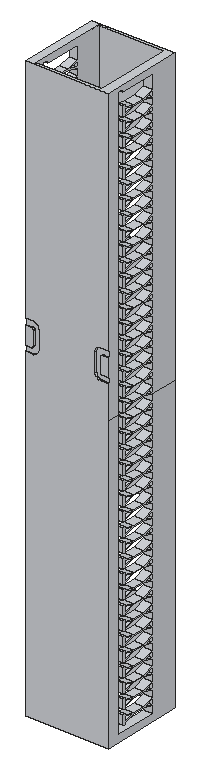
Revit family
Parameters
  Material ID = "760072892\r\n760072892\r\n760072892\r\n"
  Description = "Vertical Cable Management Kit, 12in X 84in (305mm X 2134mm) Single Sided, With Door, Silver"
Reference planes (in)
  plane 1 "Center (Front/Back)": y = 0
  plane 2: z = 0
  plane 3 "Center (Left/Right)": x = 0
Forms (in)
  Extrusion 1, void, not visible
    sketch origin (0, 0, 0) x (1, 0, 0) y (0, 0, 1)
      loop
        line (-7.85662, 0.48089) -> (-7.85662, -0.39002) -> (-7.67285, -0.39002) -> (-7.67285, -0.64002) -> (-7.0736, -0.64002) -> (-7.0736, -0.39002) -> (-6.92978, -0.39002) -> (-6.92978, 0.48089) -> (-7.85662, 0.48089)
    from -3.79215 to 12
  Extrusion 2, void, not visible
    sketch origin (0, 0, 0) x (1, 0, 0) y (0, 0, 1)
      loop
        line (-8.21397, 0.42583) -> (-8.21397, -0.07417) -> (-8.08657, -0.07417) -> (-8.08657, -0.27417) -> (-7.83657, -0.27417) -> (-7.83657, -0.07417) -> (-7.72497, -0.07417) -> (-7.72497, 0.42583) -> (-8.21397, 0.42583)
    from 0.74059 to 3.34334
  Extrusion 3, solid
    sketch origin (0, 0, 0) x (1, 0, 0) y (0, 0, 1)
      loop
        line (7, 42) -> (-5, 42) -> (-5, -42) -> (7, -42) -> (7, 0) -> (7, 42)
    from 11.281 to -0.549
  Extrusion 4, void
    sketch origin (0, 0, 0) x (1, 0, 0) y (0, 0, 1)
      loop
        line (-5, 9.00056) -> (-5, 8.06684) -> (-4.1, 8.06684)
        arc (-4.1, 8.06684) -> (-3.88787, 7.97898) -> (-3.8, 7.76684) r 0.3
        line (-3.8, 7.76684) -> (-3.8, 5.85056)
        arc (-3.8, 5.85056) -> (-3.88787, 5.63843) -> (-4.1, 5.55056) r 0.3
        line (-4.1, 5.55056) -> (-5, 5.55056) -> (-5, 4.75056) -> (-3.8, 4.75056)
        arc (-3.8, 4.75056) -> (-3.23431, 4.98488) -> (-3, 5.55056) r 0.8
        line (-3, 5.55056) -> (-3, 8.20056)
        arc (-3, 8.20056) -> (-3.23431, 8.76625) -> (-3.8, 9.00056) r 0.8
        line (-3.8, 9.00056) -> (-5, 9.00056)
      loop
        line (7, 9.00056) -> (5.8, 9.00056)
        arc (5.8, 9.00056) -> (5.23431, 8.76625) -> (5, 8.20056) r 0.8
        line (5, 8.20056) -> (5, 5.55056)
        arc (5, 5.55056) -> (5.23431, 4.98488) -> (5.8, 4.75056) r 0.8
        line (5.8, 4.75056) -> (7, 4.75056) -> (7, 5.55056) -> (6.1, 5.55056)
        arc (6.1, 5.55056) -> (5.88787, 5.63843) -> (5.8, 5.85056) r 0.3
        line (5.8, 5.85056) -> (5.8, 7.76684)
        arc (5.8, 7.76684) -> (5.88787, 7.97898) -> (6.1, 8.06684) r 0.3
        line (6.1, 8.06684) -> (7, 8.06684) -> (7, 9.00056)
    from 11.08569 to 11.281
  Extrusion 5, void
    sketch origin (0, 0, 0) x (1, 0, 0) y (0, 1, 0)
      loop
        line (5.70983, 0.3385) -> (-3.79017, 0.3385) -> (-3.79017, -10.9115) -> (5.70983, -10.9115) -> (5.70983, 0.3385)
    from -57.1272 to 54.97812
  Extrusion 6, void
    sketch origin (0, 0, 0) x (0, 1, 0) y (0, 0, 1)
      loop
        line (-3.37841, 39.06909) -> (-3.37841, 41.06909) -> (-8.50915, 41.06909) -> (-8.50915, 39.06909) -> (-6.81878, 38.61615) -> (-5.06878, 38.61615) -> (-3.37841, 39.06909)
      loop
        line (-3.37841, 38.06909) -> (-5.06878, 38.52202) -> (-6.81878, 38.52202) -> (-8.50915, 38.06909) -> (-8.50915, 37.81909) -> (-8.50915, 37.06909) -> (-6.81878, 36.61615) -> (-5.06878, 36.61615) -> (-3.37841, 37.06909) -> (-3.37841, 37.81909) -> (-3.37841, 38.06909)
      loop
        line (-3.37841, 39.00985) -> (-4.9864, 38.57899) -> (-3.37841, 38.14813) -> (-3.37841, 39.00985)
      loop
        line (-8.50915, 39.00985) -> (-8.50915, 38.14813) -> (-6.90115, 38.57899) -> (-8.50915, 39.00985)
      loop
        line (-3.37841, 36.06909) -> (-5.06878, 36.52202) -> (-6.81878, 36.52202) -> (-8.50915, 36.06909) -> (-8.50915, 35.06909) -> (-6.81878, 34.61615) -> (-5.06878, 34.61615) -> (-3.37841, 35.06909) -> (-3.37841, 36.06909)
      loop
        line (-3.37841, 37.00985) -> (-4.9864, 36.57899) -> (-3.37841, 36.14813) -> (-3.37841, 37.00985)
      loop
        line (-8.50915, 37.00985) -> (-8.50915, 36.14813) -> (-6.90115, 36.57899) -> (-8.50915, 37.00985)
      loop
        line (-3.37841, 34.06909) -> (-5.06878, 34.52202) -> (-6.81878, 34.52202) -> (-8.50915, 34.06909) -> (-8.50915, 33.06909) -> (-6.81878, 32.61615) -> (-5.06878, 32.61615) -> (-3.37841, 33.06909) -> (-3.37841, 34.06909)
      loop
        line (-3.37841, 35.00985) -> (-4.9864, 34.57899) -> (-3.37841, 34.14813) -> (-3.37841, 35.00985)
      loop
        line (-8.50915, 35.00985) -> (-8.50915, 34.14813) -> (-6.90115, 34.57899) -> (-8.50915, 35.00985)
      loop
        line (-3.37841, 32.06909) -> (-5.06878, 32.52202) -> (-6.81878, 32.52202) -> (-8.50915, 32.06909) -> (-8.50915, 31.06909) -> (-6.81878, 30.61615) -> (-5.06878, 30.61615) -> (-3.37841, 31.06909) -> (-3.37841, 32.06909)
      loop
        line (-3.37841, 33.00985) -> (-4.9864, 32.57899) -> (-3.37841, 32.14813) -> (-3.37841, 33.00985)
      loop
        line (-8.50915, 33.00985) -> (-8.50915, 32.14813) -> (-6.90115, 32.57899) -> (-8.50915, 33.00985)
      loop
        line (-3.37841, 30.06909) -> (-5.06878, 30.52202) -> (-6.81878, 30.52202) -> (-8.50915, 30.06909) -> (-8.50915, 29.06909) -> (-6.81878, 28.61615) -> (-5.06878, 28.61615) -> (-3.37841, 29.06909) -> (-3.37841, 30.06909)
      loop
        line (-3.37841, 31.00985) -> (-4.9864, 30.57899) -> (-3.37841, 30.14813) -> (-3.37841, 31.00985)
      loop
        line (-8.50915, 31.00985) -> (-8.50915, 30.14813) -> (-6.90115, 30.57899) -> (-8.50915, 31.00985)
      loop
        line (-3.37841, 28.06909) -> (-5.06878, 28.52202) -> (-6.81878, 28.52202) -> (-8.50915, 28.06909) -> (-8.50915, 27.06909) -> (-6.81878, 26.61615) -> (-5.06878, 26.61615) -> (-3.37841, 27.06909) -> (-3.37841, 28.06909)
      loop
        line (-3.37841, 29.00985) -> (-4.9864, 28.57899) -> (-3.37841, 28.14813) -> (-3.37841, 29.00985)
      loop
        line (-8.50915, 29.00985) -> (-8.50915, 28.14813) -> (-6.90115, 28.57899) -> (-8.50915, 29.00985)
      loop
        line (-3.37841, 26.06909) -> (-5.06878, 26.52202) -> (-6.81878, 26.52202) -> (-8.50915, 26.06909) -> (-8.50915, 25.06909) -> (-6.81878, 24.61615) -> (-5.06878, 24.61615) -> (-3.37841, 25.06909) -> (-3.37841, 26.06909)
      loop
        line (-3.37841, 27.00985) -> (-4.9864, 26.57899) -> (-3.37841, 26.14813) -> (-3.37841, 27.00985)
      loop
        line (-8.50915, 27.00985) -> (-8.50915, 26.14813) -> (-6.90115, 26.57899) -> (-8.50915, 27.00985)
      loop
        line (-3.37841, 24.06909) -> (-5.06878, 24.52202) -> (-6.81878, 24.52202) -> (-8.50915, 24.06909) -> (-8.50915, 23.06909) -> (-6.81878, 22.61615) -> (-5.06878, 22.61615) -> (-3.37841, 23.06909) -> (-3.37841, 24.06909)
      loop
        line (-3.37841, 25.00985) -> (-4.9864, 24.57899) -> (-3.37841, 24.14813) -> (-3.37841, 25.00985)
      loop
        line (-8.50915, 25.00985) -> (-8.50915, 24.14813) -> (-6.90115, 24.57899) -> (-8.50915, 25.00985)
      loop
        line (-3.37841, 22.06909) -> (-5.06878, 22.52202) -> (-6.81878, 22.52202) -> (-8.50915, 22.06909) -> (-8.50915, 21.06909) -> (-6.81878, 20.61615) -> (-5.06878, 20.61615) -> (-3.37841, 21.06909) -> (-3.37841, 22.06909)
      loop
        line (-3.37841, 23.00985) -> (-4.9864, 22.57899) -> (-3.37841, 22.14813) -> (-3.37841, 23.00985)
      loop
        line (-8.50915, 23.00985) -> (-8.50915, 22.14813) -> (-6.90115, 22.57899) -> (-8.50915, 23.00985)
      loop
        line (-3.37841, 20.06909) -> (-5.06878, 20.52202) -> (-6.81878, 20.52202) -> (-8.50915, 20.06909) -> (-8.50915, 19.06909) -> (-6.81878, 18.61615) -> (-5.06878, 18.61615) -> (-3.37841, 19.06909) -> (-3.37841, 20.06909)
      loop
        line (-3.37841, 21.00985) -> (-4.9864, 20.57899) -> (-3.37841, 20.14813) -> (-3.37841, 21.00985)
      loop
        line (-8.50915, 21.00985) -> (-8.50915, 20.14813) -> (-6.90115, 20.57899) -> (-8.50915, 21.00985)
      loop
        line (-3.37841, 18.06909) -> (-5.06878, 18.52202) -> (-6.81878, 18.52202) -> (-8.50915, 18.06909) -> (-8.50915, 17.06909) -> (-6.81878, 16.61615) -> (-5.06878, 16.61615) -> (-3.37841, 17.06909) -> (-3.37841, 18.06909)
      loop
        line (-3.37841, 19.00985) -> (-4.9864, 18.57899) -> (-3.37841, 18.14813) -> (-3.37841, 19.00985)
      loop
        line (-8.50915, 19.00985) -> (-8.50915, 18.14813) -> (-6.90115, 18.57899) -> (-8.50915, 19.00985)
      loop
        line (-3.37841, 16.06909) -> (-5.06878, 16.52202) -> (-6.81878, 16.52202) -> (-8.50915, 16.06909) -> (-8.50915, 15.06909) -> (-6.81878, 14.61615) -> (-5.06878, 14.61615) -> (-3.37841, 15.06909) -> (-3.37841, 16.06909)
      loop
        line (-3.37841, 17.00985) -> (-4.9864, 16.57899) -> (-3.37841, 16.14813) -> (-3.37841, 17.00985)
      loop
        line (-8.50915, 17.00985) -> (-8.50915, 16.14813) -> (-6.90115, 16.57899) -> (-8.50915, 17.00985)
      loop
        line (-3.37841, 14.06909) -> (-5.06878, 14.52202) -> (-6.81878, 14.52202) -> (-8.50915, 14.06909) -> (-8.50915, 13.06909) -> (-6.81878, 12.61615) -> (-5.06878, 12.61615) -> (-3.37841, 13.06909) -> (-3.37841, 14.06909)
      loop
        line (-3.37841, 15.00985) -> (-4.9864, 14.57899) -> (-3.37841, 14.14813) -> (-3.37841, 15.00985)
      loop
        line (-8.50915, 15.00985) -> (-8.50915, 14.14813) -> (-6.90115, 14.57899) -> (-8.50915, 15.00985)
      loop
        line (-3.37841, 12.06909) -> (-5.06878, 12.52202) -> (-6.81878, 12.52202) -> (-8.50915, 12.06909) -> (-8.50915, 11.06909) -> (-6.81878, 10.61615) -> (-5.06878, 10.61615) -> (-3.37841, 11.06909) -> (-3.37841, 12.06909)
      loop
        line (-3.37841, 13.00985) -> (-4.9864, 12.57899) -> (-3.37841, 12.14813) -> (-3.37841, 13.00985)
      loop
        line (-8.50915, 13.00985) -> (-8.50915, 12.14813) -> (-6.90115, 12.57899) -> (-8.50915, 13.00985)
      loop
        line (-3.37841, 10.06909) -> (-5.06878, 10.52202) -> (-6.81878, 10.52202) -> (-8.50915, 10.06909) -> (-8.50915, 9.06909) -> (-6.81878, 8.61615) -> (-5.06878, 8.61615) -> (-3.37841, 9.06909) -> (-3.37841, 10.06909)
      loop
        line (-3.37841, 11.00985) -> (-4.9864, 10.57899) -> (-3.37841, 10.14813) -> (-3.37841, 11.00985)
      loop
        line (-8.50915, 11.00985) -> (-8.50915, 10.14813) -> (-6.90115, 10.57899) -> (-8.50915, 11.00985)
      loop
        line (-3.37841, 8.06909) -> (-5.06878, 8.52202) -> (-6.81878, 8.52202) -> (-8.50915, 8.06909) -> (-8.50915, 7.06909) -> (-6.81878, 6.61615) -> (-5.06878, 6.61615) -> (-3.37841, 7.06909) -> (-3.37841, 8.06909)
      loop
        line (-3.37841, 9.00985) -> (-4.9864, 8.57899) -> (-3.37841, 8.14813) -> (-3.37841, 9.00985)
      loop
        line (-8.50915, 9.00985) -> (-8.50915, 8.14813) -> (-6.90115, 8.57899) -> (-8.50915, 9.00985)
      loop
        line (-3.37841, 6.06909) -> (-5.06878, 6.52202) -> (-6.81878, 6.52202) -> (-8.50915, 6.06909) -> (-8.50915, 5.06909) -> (-6.81878, 4.61615) -> (-5.06878, 4.61615) -> (-3.37841, 5.06909) -> (-3.37841, 6.06909)
      loop
        line (-3.37841, 7.00985) -> (-4.9864, 6.57899) -> (-3.37841, 6.14813) -> (-3.37841, 7.00985)
      loop
        line (-8.50915, 7.00985) -> (-8.50915, 6.14813) -> (-6.90115, 6.57899) -> (-8.50915, 7.00985)
      loop
        line (-3.37841, 4.06909) -> (-5.06878, 4.52202) -> (-6.81878, 4.52202) -> (-8.50915, 4.06909) -> (-8.50915, 3.06909) -> (-6.81878, 2.61615) -> (-5.06878, 2.61615) -> (-3.37841, 3.06909) -> (-3.37841, 4.06909)
      loop
        line (-3.37841, 5.00985) -> (-4.9864, 4.57899) -> (-3.37841, 4.14813) -> (-3.37841, 5.00985)
      loop
        line (-8.50915, 5.00985) -> (-8.50915, 4.14813) -> (-6.90115, 4.57899) -> (-8.50915, 5.00985)
      loop
        line (-3.37841, 2.06909) -> (-5.06878, 2.52202) -> (-6.81878, 2.52202) -> (-8.50915, 2.06909) -> (-8.50915, 1.06909) -> (-6.81878, 0.61615) -> (-5.06878, 0.61615) -> (-3.37841, 1.06909) -> (-3.37841, 2.06909)
      loop
        line (-3.37841, 3.00985) -> (-4.9864, 2.57899) -> (-3.37841, 2.14813) -> (-3.37841, 3.00985)
      loop
        line (-8.50915, 3.00985) -> (-8.50915, 2.14813) -> (-6.90115, 2.57899) -> (-8.50915, 3.00985)
      loop
        line (-3.37841, 0.06909) -> (-5.06878, 0.52202) -> (-6.81878, 0.52202) -> (-8.50915, 0.06909) -> (-8.50915, -0.93091) -> (-6.81878, -1.38385) -> (-5.06878, -1.38385) -> (-3.37841, -0.93091) -> (-3.37841, 0.06909)
      loop
        line (-3.37841, 1.00985) -> (-4.9864, 0.57899) -> (-3.37841, 0.14813) -> (-3.37841, 1.00985)
      loop
        line (-8.50915, 1.00985) -> (-8.50915, 0.14813) -> (-6.90115, 0.57899) -> (-8.50915, 1.00985)
      loop
        line (-3.37841, -1.93091) -> (-5.06878, -1.47798) -> (-6.81878, -1.47798) -> (-8.50915, -1.93091) -> (-8.50915, -2.93091) -> (-6.81878, -3.38385) -> (-5.06878, -3.38385) -> (-3.37841, -2.93091) -> (-3.37841, -1.93091)
      loop
        line (-3.37841, -0.99015) -> (-4.9864, -1.42101) -> (-3.37841, -1.85187) -> (-3.37841, -0.99015)
      loop
        line (-8.50915, -0.99015) -> (-8.50915, -1.85187) -> (-6.90115, -1.42101) -> (-8.50915, -0.99015)
      loop
        line (-3.37841, -3.93091) -> (-5.06878, -3.47798) -> (-6.81878, -3.47798) -> (-8.50915, -3.93091) -> (-8.50915, -4.93091) -> (-6.81878, -5.38385) -> (-5.06878, -5.38385) -> (-3.37841, -4.93091) -> (-3.37841, -3.93091)
      loop
        line (-3.37841, -2.99015) -> (-4.9864, -3.42101) -> (-3.37841, -3.85187) -> (-3.37841, -2.99015)
      loop
        line (-8.50915, -2.99015) -> (-8.50915, -3.85187) -> (-6.90115, -3.42101) -> (-8.50915, -2.99015)
      loop
        line (-3.37841, -5.93091) -> (-5.06878, -5.47798) -> (-6.81878, -5.47798) -> (-8.50915, -5.93091) -> (-8.50915, -6.93091) -> (-6.81878, -7.38385) -> (-5.06878, -7.38385) -> (-3.37841, -6.93091) -> (-3.37841, -5.93091)
      loop
        line (-3.37841, -4.99015) -> (-4.9864, -5.42101) -> (-3.37841, -5.85187) -> (-3.37841, -4.99015)
      loop
        line (-8.50915, -4.99015) -> (-8.50915, -5.85187) -> (-6.90115, -5.42101) -> (-8.50915, -4.99015)
      loop
        line (-3.37841, -7.93091) -> (-5.06878, -7.47798) -> (-6.81878, -7.47798) -> (-8.50915, -7.93091) -> (-8.50915, -8.93091) -> (-6.81878, -9.38385) -> (-5.06878, -9.38385) -> (-3.37841, -8.93091) -> (-3.37841, -7.93091)
      loop
        line (-3.37841, -6.99015) -> (-4.9864, -7.42101) -> (-3.37841, -7.85187) -> (-3.37841, -6.99015)
      loop
        line (-8.50915, -6.99015) -> (-8.50915, -7.85187) -> (-6.90115, -7.42101) -> (-8.50915, -6.99015)
      loop
        line (-3.37841, -9.93091) -> (-5.06878, -9.47798) -> (-6.81878, -9.47798) -> (-8.50915, -9.93091) -> (-8.50915, -10.93091) -> (-6.81878, -11.38385) -> (-5.06878, -11.38385) -> (-3.37841, -10.93091) -> (-3.37841, -9.93091)
      loop
        line (-3.37841, -8.99015) -> (-4.9864, -9.42101) -> (-3.37841, -9.85187) -> (-3.37841, -8.99015)
      loop
        line (-8.50915, -8.99015) -> (-8.50915, -9.85187) -> (-6.90115, -9.42101) -> (-8.50915, -8.99015)
      loop
        line (-3.37841, -11.93091) -> (-5.06878, -11.47798) -> (-6.81878, -11.47798) -> (-8.50915, -11.93091) -> (-8.50915, -12.93091) -> (-6.81878, -13.38385) -> (-5.06878, -13.38385) -> (-3.37841, -12.93091) -> (-3.37841, -11.93091)
      loop
        line (-3.37841, -10.99015) -> (-4.9864, -11.42101) -> (-3.37841, -11.85187) -> (-3.37841, -10.99015)
      loop
        line (-8.50915, -10.99015) -> (-8.50915, -11.85187) -> (-6.90115, -11.42101) -> (-8.50915, -10.99015)
      loop
        line (-3.37841, -13.93091) -> (-5.06878, -13.47798) -> (-6.81878, -13.47798) -> (-8.50915, -13.93091) -> (-8.50915, -14.93091) -> (-6.81878, -15.38385) -> (-5.06878, -15.38385) -> (-3.37841, -14.93091) -> (-3.37841, -13.93091)
      loop
        line (-3.37841, -12.99015) -> (-4.9864, -13.42101) -> (-3.37841, -13.85187) -> (-3.37841, -12.99015)
      loop
        line (-8.50915, -12.99015) -> (-8.50915, -13.85187) -> (-6.90115, -13.42101) -> (-8.50915, -12.99015)
      loop
        line (-3.37841, -15.93091) -> (-5.06878, -15.47798) -> (-6.81878, -15.47798) -> (-8.50915, -15.93091) -> (-8.50915, -16.93091) -> (-6.81878, -17.38385) -> (-5.06878, -17.38385) -> (-3.37841, -16.93091) -> (-3.37841, -15.93091)
      loop
        line (-3.37841, -14.99015) -> (-4.9864, -15.42101) -> (-3.37841, -15.85187) -> (-3.37841, -14.99015)
      loop
        line (-8.50915, -14.99015) -> (-8.50915, -15.85187) -> (-6.90115, -15.42101) -> (-8.50915, -14.99015)
      loop
        line (-3.37841, -17.93091) -> (-5.06878, -17.47798) -> (-6.81878, -17.47798) -> (-8.50915, -17.93091) -> (-8.50915, -18.93091) -> (-6.81878, -19.38385) -> (-5.06878, -19.38385) -> (-3.37841, -18.93091) -> (-3.37841, -17.93091)
      loop
        line (-3.37841, -16.99015) -> (-4.9864, -17.42101) -> (-3.37841, -17.85187) -> (-3.37841, -16.99015)
      loop
        line (-8.50915, -16.99015) -> (-8.50915, -17.85187) -> (-6.90115, -17.42101) -> (-8.50915, -16.99015)
      loop
        line (-3.37841, -19.93091) -> (-5.06878, -19.47798) -> (-6.81878, -19.47798) -> (-8.50915, -19.93091) -> (-8.50915, -20.93091) -> (-6.81878, -21.38385) -> (-5.06878, -21.38385) -> (-3.37841, -20.93091) -> (-3.37841, -19.93091)
      loop
        line (-3.37841, -18.99015) -> (-4.9864, -19.42101) -> (-3.37841, -19.85187) -> (-3.37841, -18.99015)
      loop
        line (-8.50915, -18.99015) -> (-8.50915, -19.85187) -> (-6.90115, -19.42101) -> (-8.50915, -18.99015)
      loop
        line (-3.37841, -21.93091) -> (-5.06878, -21.47798) -> (-6.81878, -21.47798) -> (-8.50915, -21.93091) -> (-8.50915, -22.93091) -> (-6.81878, -23.38385) -> (-5.06878, -23.38385) -> (-3.37841, -22.93091) -> (-3.37841, -21.93091)
      loop
        line (-3.37841, -20.99015) -> (-4.9864, -21.42101) -> (-3.37841, -21.85187) -> (-3.37841, -20.99015)
      loop
        line (-8.50915, -20.99015) -> (-8.50915, -21.85187) -> (-6.90115, -21.42101) -> (-8.50915, -20.99015)
      loop
        line (-3.37841, -23.93091) -> (-5.06878, -23.47798) -> (-6.81878, -23.47798) -> (-8.50915, -23.93091) -> (-8.50915, -24.93091) -> (-6.81878, -25.38385) -> (-5.06878, -25.38385) -> (-3.37841, -24.93091) -> (-3.37841, -23.93091)
      loop
        line (-3.37841, -22.99015) -> (-4.9864, -23.42101) -> (-3.37841, -23.85187) -> (-3.37841, -22.99015)
      loop
        line (-8.50915, -22.99015) -> (-8.50915, -23.85187) -> (-6.90115, -23.42101) -> (-8.50915, -22.99015)
      loop
        line (-3.37841, -25.93091) -> (-5.06878, -25.47798) -> (-6.81878, -25.47798) -> (-8.50915, -25.93091) -> (-8.50915, -26.93091) -> (-6.81878, -27.38385) -> (-5.06878, -27.38385) -> (-3.37841, -26.93091) -> (-3.37841, -25.93091)
      loop
        line (-3.37841, -24.99015) -> (-4.9864, -25.42101) -> (-3.37841, -25.85187) -> (-3.37841, -24.99015)
      loop
        line (-8.50915, -24.99015) -> (-8.50915, -25.85187) -> (-6.90115, -25.42101) -> (-8.50915, -24.99015)
      loop
        line (-3.37841, -27.93091) -> (-5.06878, -27.47798) -> (-6.81878, -27.47798) -> (-8.50915, -27.93091) -> (-8.50915, -28.93091) -> (-6.81878, -29.38385) -> (-5.06878, -29.38385) -> (-3.37841, -28.93091) -> (-3.37841, -27.93091)
      loop
        line (-3.37841, -26.99015) -> (-4.9864, -27.42101) -> (-3.37841, -27.85187) -> (-3.37841, -26.99015)
      loop
        line (-8.50915, -26.99015) -> (-8.50915, -27.85187) -> (-6.90115, -27.42101) -> (-8.50915, -26.99015)
      loop
        line (-3.37841, -29.93091) -> (-5.06878, -29.47798) -> (-6.81878, -29.47798) -> (-8.50915, -29.93091) -> (-8.50915, -30.93091) -> (-6.81878, -31.38385) -> (-5.06878, -31.38385) -> (-3.37841, -30.93091) -> (-3.37841, -29.93091)
      loop
        line (-3.37841, -28.99015) -> (-4.9864, -29.42101) -> (-3.37841, -29.85187) -> (-3.37841, -28.99015)
      loop
        line (-8.50915, -28.99015) -> (-8.50915, -29.85187) -> (-6.90115, -29.42101) -> (-8.50915, -28.99015)
      loop
        line (-3.37841, -31.93091) -> (-5.06878, -31.47798) -> (-6.81878, -31.47798) -> (-8.50915, -31.93091) -> (-8.50915, -32.93091) -> (-6.81878, -33.38385) -> (-5.06878, -33.38385) -> (-3.37841, -32.93091) -> (-3.37841, -31.93091)
      loop
        line (-3.37841, -30.99015) -> (-4.9864, -31.42101) -> (-3.37841, -31.85187) -> (-3.37841, -30.99015)
      loop
        line (-8.50915, -30.99015) -> (-8.50915, -31.85187) -> (-6.90115, -31.42101) -> (-8.50915, -30.99015)
      loop
        line (-3.37841, -33.93091) -> (-5.06878, -33.47798) -> (-6.81878, -33.47798) -> (-8.50915, -33.93091) -> (-8.50915, -34.93091) -> (-6.81878, -35.38385) -> (-5.06878, -35.38385) -> (-3.37841, -34.93091) -> (-3.37841, -33.93091)
      loop
        line (-3.37841, -32.99015) -> (-4.9864, -33.42101) -> (-3.37841, -33.85187) -> (-3.37841, -32.99015)
      loop
        line (-8.50915, -32.99015) -> (-8.50915, -33.85187) -> (-6.90115, -33.42101) -> (-8.50915, -32.99015)
      loop
        line (-3.37841, -35.93091) -> (-5.06878, -35.47798) -> (-6.81878, -35.47798) -> (-8.50915, -35.93091) -> (-8.50915, -36.93091) -> (-6.81878, -37.38385) -> (-5.06878, -37.38385) -> (-3.37841, -36.93091) -> (-3.37841, -35.93091)
      loop
        line (-3.37841, -34.99015) -> (-4.9864, -35.42101) -> (-3.37841, -35.85187) -> (-3.37841, -34.99015)
      loop
        line (-8.50915, -34.99015) -> (-8.50915, -35.85187) -> (-6.90115, -35.42101) -> (-8.50915, -34.99015)
      loop
        line (-3.37841, -37.93091) -> (-5.06878, -37.47798) -> (-6.81878, -37.47798) -> (-8.50915, -37.93091) -> (-8.50915, -38.93091) -> (-6.81878, -39.38385) -> (-5.06878, -39.38385) -> (-3.37841, -38.93091) -> (-3.37841, -37.93091)
      loop
        line (-3.37841, -36.99015) -> (-4.9864, -37.42101) -> (-3.37841, -37.85187) -> (-3.37841, -36.99015)
      loop
        line (-8.50915, -36.99015) -> (-8.50915, -37.85187) -> (-6.90115, -37.42101) -> (-8.50915, -36.99015)
      loop
        line (-3.37841, -40.99798) -> (-3.37841, -39.93091) -> (-5.06878, -39.47798) -> (-6.81878, -39.47798) -> (-8.50915, -39.93091) -> (-8.50915, -40.99798) -> (-3.37841, -40.99798)
      loop
        line (-3.37841, -38.99015) -> (-4.9864, -39.42101) -> (-3.37841, -39.85187) -> (-3.37841, -38.99015)
      loop
        line (-8.50915, -38.99015) -> (-8.50915, -39.85187) -> (-6.90115, -39.42101) -> (-8.50915, -38.99015)
    from -16.16264 to 12
  Extrusion 7, void
    sketch origin (0, 0, 0) x (0, 1, 0) y (0, 0, 1)
      loop
        line (-9.74802, 41.47806) -> (-9.74802, -41) -> (-8.75915, -41) -> (-8.75915, 41.47806) -> (-9.74802, 41.47806)
    from -16.48531 to 12
  Extrusion 8, void
    sketch origin (0, 0, 0) x (1, 0, 0) y (0, 0, 1)
      loop
        line (5.49935, 28.88043) -> (-3.50065, 28.88043) -> (-3.50065, 16.13043) -> (5.49935, 16.13043) -> (5.49935, 28.88043)
      loop
        line (5.49935, -28.88043) -> (5.49935, -16.13043) -> (-3.50065, -16.13043) -> (-3.50065, -28.88043) -> (5.49935, -28.88043)
    from -9.86946 to 1.00595
  Extrusion 9, void
    sketch origin (7, 0, 42) x (0, 0, 1) y (0, 1, 0)
      loop
        line (-0.93091, -7.22337) -> (-2.68091, -7.22337) -> (-2.68091, -9.22337) -> (-0.93091, -9.22337) -> (-0.93091, -7.22337)
      loop
        line (-4.08537, -9.05786) -> (-4.08537, -8.05786) -> (-4.76237, -8.05786) -> (-4.76237, -9.05786) -> (-4.08537, -9.05786)
      loop
        line (-6.08537, -9.05786) -> (-6.08537, -8.05786) -> (-6.76237, -8.05786) -> (-6.76237, -9.05786) -> (-6.08537, -9.05786)
      loop
        line (-8.08537, -9.05786) -> (-8.08537, -8.05786) -> (-8.76237, -8.05786) -> (-8.76237, -9.05786) -> (-8.08537, -9.05786)
      loop
        line (-10.08537, -9.05786) -> (-10.08537, -8.05786) -> (-10.76237, -8.05786) -> (-10.76237, -9.05786) -> (-10.08537, -9.05786)
      loop
        line (-12.08537, -9.05786) -> (-12.08537, -8.05786) -> (-12.76237, -8.05786) -> (-12.76237, -9.05786) -> (-12.08537, -9.05786)
      loop
        line (-14.08537, -9.05786) -> (-14.08537, -8.05786) -> (-14.76237, -8.05786) -> (-14.76237, -9.05786) -> (-14.08537, -9.05786)
      loop
        line (-16.08537, -9.05786) -> (-16.08537, -8.05786) -> (-16.76237, -8.05786) -> (-16.76237, -9.05786) -> (-16.08537, -9.05786)
      loop
        line (-18.08537, -9.05786) -> (-18.08537, -8.05786) -> (-18.76237, -8.05786) -> (-18.76237, -9.05786) -> (-18.08537, -9.05786)
      loop
        line (-20.08537, -9.05786) -> (-20.08537, -8.05786) -> (-20.76237, -8.05786) -> (-20.76237, -9.05786) -> (-20.08537, -9.05786)
      loop
        line (-22.08537, -9.05786) -> (-22.08537, -8.05786) -> (-22.76237, -8.05786) -> (-22.76237, -9.05786) -> (-22.08537, -9.05786)
      loop
        line (-24.08537, -9.05786) -> (-24.08537, -8.05786) -> (-24.76237, -8.05786) -> (-24.76237, -9.05786) -> (-24.08537, -9.05786)
      loop
        line (-26.08537, -9.05786) -> (-26.08537, -8.05786) -> (-26.76237, -8.05786) -> (-26.76237, -9.05786) -> (-26.08537, -9.05786)
      loop
        line (-28.08537, -9.05786) -> (-28.08537, -8.05786) -> (-28.76237, -8.05786) -> (-28.76237, -9.05786) -> (-28.08537, -9.05786)
      loop
        line (-30.08537, -9.05786) -> (-30.08537, -8.05786) -> (-30.76237, -8.05786) -> (-30.76237, -9.05786) -> (-30.08537, -9.05786)
      loop
        line (-32.08537, -9.05786) -> (-32.08537, -8.05786) -> (-32.76237, -8.05786) -> (-32.76237, -9.05786) -> (-32.08537, -9.05786)
      loop
        line (-34.08537, -9.05786) -> (-34.08537, -8.05786) -> (-34.76237, -8.05786) -> (-34.76237, -9.05786) -> (-34.08537, -9.05786)
      loop
        line (-36.08537, -9.05786) -> (-36.08537, -8.05786) -> (-36.76237, -8.05786) -> (-36.76237, -9.05786) -> (-36.08537, -9.05786)
      loop
        line (-38.08537, -9.05786) -> (-38.08537, -8.05786) -> (-38.76237, -8.05786) -> (-38.76237, -9.05786) -> (-38.08537, -9.05786)
      loop
        line (-40.08537, -9.05786) -> (-40.08537, -8.05786) -> (-40.76237, -8.05786) -> (-40.76237, -9.05786) -> (-40.08537, -9.05786)
      loop
        line (-42.08537, -9.05786) -> (-42.08537, -8.05786) -> (-42.76237, -8.05786) -> (-42.76237, -9.05786) -> (-42.08537, -9.05786)
      loop
        line (-44.08537, -9.05786) -> (-44.08537, -8.05786) -> (-44.76237, -8.05786) -> (-44.76237, -9.05786) -> (-44.08537, -9.05786)
      loop
        line (-46.08537, -9.05786) -> (-46.08537, -8.05786) -> (-46.76237, -8.05786) -> (-46.76237, -9.05786) -> (-46.08537, -9.05786)
      loop
        line (-48.08537, -9.05786) -> (-48.08537, -8.05786) -> (-48.76237, -8.05786) -> (-48.76237, -9.05786) -> (-48.08537, -9.05786)
      loop
        line (-50.08537, -9.05786) -> (-50.08537, -8.05786) -> (-50.76237, -8.05786) -> (-50.76237, -9.05786) -> (-50.08537, -9.05786)
      loop
        line (-52.08537, -9.05786) -> (-52.08537, -8.05786) -> (-52.76237, -8.05786) -> (-52.76237, -9.05786) -> (-52.08537, -9.05786)
      loop
        line (-54.08537, -9.05786) -> (-54.08537, -8.05786) -> (-54.76237, -8.05786) -> (-54.76237, -9.05786) -> (-54.08537, -9.05786)
      loop
        line (-56.08537, -9.05786) -> (-56.08537, -8.05786) -> (-56.76237, -8.05786) -> (-56.76237, -9.05786) -> (-56.08537, -9.05786)
      loop
        line (-58.08537, -9.05786) -> (-58.08537, -8.05786) -> (-58.76237, -8.05786) -> (-58.76237, -9.05786) -> (-58.08537, -9.05786)
      loop
        line (-60.08537, -9.05786) -> (-60.08537, -8.05786) -> (-60.76237, -8.05786) -> (-60.76237, -9.05786) -> (-60.08537, -9.05786)
      loop
        line (-62.08537, -9.05786) -> (-62.08537, -8.05786) -> (-62.76237, -8.05786) -> (-62.76237, -9.05786) -> (-62.08537, -9.05786)
      loop
        line (-64.08537, -9.05786) -> (-64.08537, -8.05786) -> (-64.76237, -8.05786) -> (-64.76237, -9.05786) -> (-64.08537, -9.05786)
      loop
        line (-66.08537, -9.05786) -> (-66.08537, -8.05786) -> (-66.76237, -8.05786) -> (-66.76237, -9.05786) -> (-66.08537, -9.05786)
      loop
        line (-68.08537, -9.05786) -> (-68.08537, -8.05786) -> (-68.76237, -8.05786) -> (-68.76237, -9.05786) -> (-68.08537, -9.05786)
      loop
        line (-70.08537, -9.05786) -> (-70.08537, -8.05786) -> (-70.76237, -8.05786) -> (-70.76237, -9.05786) -> (-70.08537, -9.05786)
      loop
        line (-72.08537, -9.05786) -> (-72.08537, -8.05786) -> (-72.76237, -8.05786) -> (-72.76237, -9.05786) -> (-72.08537, -9.05786)
      loop
        line (-74.08537, -9.05786) -> (-74.08537, -8.05786) -> (-74.76237, -8.05786) -> (-74.76237, -9.05786) -> (-74.08537, -9.05786)
      loop
        line (-76.08537, -9.05786) -> (-76.08537, -8.05786) -> (-76.76237, -8.05786) -> (-76.76237, -9.05786) -> (-76.08537, -9.05786)
      loop
        line (-78.08537, -9.05786) -> (-78.08537, -8.05786) -> (-78.76237, -8.05786) -> (-78.76237, -9.05786) -> (-78.08537, -9.05786)
      loop
        line (-80.08537, -9.05786) -> (-80.08537, -8.05786) -> (-80.76237, -8.05786) -> (-80.76237, -9.05786) -> (-80.08537, -9.05786)
      loop
        line (-82.99798, -7.70129) -> (-82.99798, -9.20129) -> (-82.14251, -9.20129) -> (-82.14251, -7.70129) -> (-82.99798, -7.70129)
    from 0 to 12
Cuts and joins
  Extrusion 4, Extrusion 5, Extrusion 6, Extrusion 7, Extrusion 8, Extrusion 9 cuts Extrusion 3
